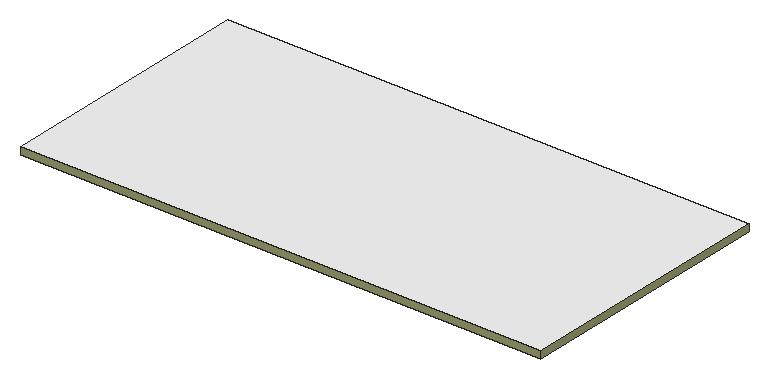
Revit family "Polytone 15mm thickness", category Generic Models, host Face, Revit 2020
Family settings
  Host = Face
  Can host rebar = No
  Round Connector Dimension = Use Diameter
  Part Type = Normal
  Cut with Voids When Loaded = No
  Shared = No
  Room Calculation Point = No
Parameters (values of type "15mm (603mm x 1212mm)")
  Width [instance] = 603 mm
  Type of Insulation = "Glass Mineral wool slab"
  Thermal R value = 0.49
  Thermal K value = 0.0309
  Remarks = ""
  NRC = 0.62
  Material Specification = ""
  Manufacturer = "PGF Insulation Sdn. Bhd."
  Insulation Thickness = 15 mm
  Length(mm) [instance] = 1212 mm
  Finish = Polytone
  ECOWOOL Product thickness in mm = ""
  Description = "Description DuctGuard external duct wrap, the new generation glass mineral wool insulation manufactured by PGF Insulation provides traditional sheet metal ducts with improved thermal insulation. The external glass mineral wool duct wrap has been engineered to provide the highest level of insulation performance for building occupants to achieve the optimum level of indoor comfort deserved.  \r\nECOWOOL Classic DuctGuard external duct wrap is pre-laminated with a vapour barrier facing material. .\r\n\r\nDescription DuctGuard external duct wrap, the new generation glass mineral wool insulation manufactured by PGF Insulation provides traditional sheet metal ducts with improved thermal insulation. The external glass mineral wool duct wrap has been engineered to provide the highest level of insulation performance for building occupants to achieve the optimum level of indoor comfort deserved.  \r\nECOWOOL Classic DuctGuard external duct wrap is pre-laminated with a vapour barrier facing materia\r\nDescription DuctGuard external duct wrap, the new generation glass mineral wool insulation manufactured by PGF Insulation provides traditional sheet metal ducts with improved thermal insulation. The external glass mineral wool duct wrap has been engineered to provide the highest level of insulation performance for building occupants to achieve the optimum level of indoor comfort deserved.  \r\nECOWOOL Classic DuctGuard external duct wrap is pre-laminated with a vapour barrier facing materia\r\nDescription DuctGuard external duct wrap, the new generation glass mineral wool insulation manufactured by PGF Insulation provides traditional sheet metal ducts with improved thermal insulation. The external glass mineral wool duct wrap has been engineered to provide the highest level of insulation performance for building occupants to achieve the optimum level of indoor comfort deserved.  \r\nECOWOOL Classic DuctGuard external duct wrap is pre-laminated with a vapour barrier facing materia\r\nDescription DuctGuard external duct wrap, the new generation glass mineral wool insulation manufactured by PGF Insulation provides traditional sheet metal ducts with improved thermal insulation. The external glass mineral wool duct wrap has been engineered to provide the highest level of insulation performance for building occupants to achieve the optimum level of indoor comfort deserved.  \r\nECOWOOL Classic DuctGuard external duct wrap is pre-laminated with a vapour barrier facing materia\r\nDescription DuctGuard external duct wrap, the new generation glass mineral wool insulation manufactured by PGF Insulation provides traditional sheet metal ducts with improved thermal insulation. The external glass mineral wool duct wrap has been engineered to provide the highest level of insulation performance for building occupants to achieve the optimum level of indoor comfort deserved.  \r\nECOWOOL Classic DuctGuard external duct wrap is pre-laminated with a vapour barrier facing materia\r\nDescription DuctGuard external duct wrap, the new generation glass mineral wool insulation manufactured by PGF Insulation provides traditional sheet metal ducts with improved thermal insulation. The external glass mineral wool duct wrap has been engineered to provide the highest level of insulation performance for building occupants to achieve the optimum level of indoor comfort deserved.  \r\nECOWOOL Classic DuctGuard external duct wrap is pre-laminated with a vapour barrier facing materia\r\nDescription DuctGuard external duct wrap, the new generation glass mineral wool insulation manufactured by PGF Insulation provides traditional sheet metal ducts with improved thermal insulation. The external glass mineral wool duct wrap has been engineered to provide the highest level of insulation performance for building occupants to achieve the optimum level of indoor comfort deserved.  \r\nECOWOOL Classic DuctGuard external duct wrap is pre-laminated with a vapour barrier facing materia\r\nDescription DuctGuard external duct wrap, the new generation glass mineral wool insulation manufactured by PGF Insulation provides traditional sheet metal ducts with improved thermal insulation. The external glass mineral wool duct wrap has been engineered to provide the highest level of insulation performance for building occupants to achieve the optimum level of indoor comfort deserved.  \r\nECOWOOL Classic DuctGuard external duct wrap is pre-laminated with a vapour barrier facing materia\r\nDescription DuctGuard external duct wrap, the new generation glass mineral wool insulation manufactured by PGF Insulation provides traditional sheet metal ducts with improved thermal insulation. The external glass mineral wool duct wrap has been engineered to provide the highest level of insulation performance for building occupants to achieve the optimum level of indoor comfort deserved.  \r\nECOWOOL Classic DuctGuard external duct wrap is pre-laminated with a vapour barrier facing material\r\nDescription DuctGuard external duct wrap, the new generation glass mineral wool insulation manufactured by PGF Insulation provides traditional sheet metal ducts with improved thermal insulation. The external glass mineral wool duct wrap has been engineered to provide the highest level of insulation performance for building occupants to achieve the optimum level of indoor comfort deserved.  \r\nECOWOOL Classic DuctGuard external duct wrap is pre-laminated with a vapour barrier facing material\r\nDescription DuctGuard external duct wrap, the new generation glass mineral wool insulation manufactured by PGF Insulation provides traditional sheet metal ducts with improved thermal insulation. The external glass mineral wool duct wrap has been engineered to provide the highest level of insulation performance for building occupants to achieve the optimum level of indoor comfort deserved.  \r\nECOWOOL Classic DuctGuard external duct wrap is pre-laminated with a vapour barrier facing material\r\nDescription DuctGuard external duct wrap, the new generation glass mineral wool insulation manufactured by PGF Insulation provides traditional sheet metal ducts with improved thermal insulation. The external glass mineral wool duct wrap has been engineered to provide the highest level of insulation performance for building occupants to achieve the optimum level of indoor comfort deserved.  \r\nECOWOOL Classic DuctGuard external duct wrap is pre-laminated with a vapour barrier facing material\r\nDescription DuctGuard external duct wrap, the new generation glass mineral wool insulation manufactured by PGF Insulation provides traditional sheet metal ducts with improved thermal insulation. The external glass mineral wool duct wrap has been engineered to provide the highest level of insulation performance for building occupants to achieve the optimum level of indoor comfort deserved.  \r\nECOWOOL Classic DuctGuard external duct wrap is pre-laminated with a vapour barrier facing material\r\nDescription DuctGuard external duct wrap, the new generation glass mineral wool insulation manufactured by PGF Insulation provides traditional sheet metal ducts with improved thermal insulation. The external glass mineral wool duct wrap has been engineered to provide the highest level of insulation performance for building occupants to achieve the optimum level of indoor comfort deserved.  \r\nECOWOOL Classic DuctGuard external duct wrap is pre-laminated with a vapour barrier facing material\r\nDescription DuctGuard external duct wrap, the new generation glass mineral wool insulation manufactured by PGF Insulation provides traditional sheet metal ducts with improved thermal insulation. The external glass mineral wool duct wrap has been engineered to provide the highest level of insulation performance for building occupants to achieve the optimum level of indoor comfort deserved.  \r\nECOWOOL Classic DuctGuard external duct wrap is pre-laminated with a vapour barrier facing material"
  Density = 32.00 kg/m³
  Default Elevation = 1219.2 mm
Types (3, lengths in mm): name | Width | Length(mm)
  (no name) | 603 | 1212
  15mm (603mm x 1212mm) | 603 | 1212
  15mm (595mm x 595mm) | 595 | 595
Reference planes
  plane 1 "Center (Front/Back)": y = 0
  plane 2: z = 0
  plane 3 "Center (Left/Right)": x = 0
  plane 4: x = 1212
  plane 5: y = -301.5
  plane 6: y = 301.5
Forms (mm)
  Sweep 1, solid, material "Polytone" <- "Finish"
    path origin (0, 0, 0) x (1, 0, 0) y (0, 1, 0)
      loop
        line (0, 0) -> (1212, 0)
    profile origin (606, 0, 0) x (0, 1, 0) y (0, 0, 1)
      loop
        line (-301.5, 15) -> (-301.5, 0) -> (301.5, 0) -> (301.5, 15) -> (-301.5, 15)
Lines and regions (mm)
  reference lines
    curve 1: line (0, 0, 0) -> (1212, 0, 0)
Dimensions and locks
  "Width": plane 5 to plane 6
  equal spacing: plane 5, plane 1 "Center (Front/Back)", plane 6
  "Length(mm)": plane 3 "Center (Left/Right)" to plane 4
  "Insulation Thickness": host face to Sweep 1 sketch curve
  aligned and locked: plane 2 to host face
  aligned and locked: level to host face
  aligned and locked: plane 3 "Center (Left/Right)" to curve 1
  aligned and locked: plane 4 to curve 1
  aligned and locked: plane 3 "Center (Left/Right)" to Sweep 1 sketch curve
  aligned and locked: plane 4 to Sweep 1 sketch curve
  aligned and locked: level to Sweep 1 sketch curve
  aligned and locked: plane 6 to Sweep 1 sketch curve
  aligned and locked: Sweep 1 sketch curve to plane 5
Automatic sketch dimensions
  host sketch curve to host sketch curve = 1616.306 mm
  host sketch curve to host sketch curve = 2438.4 mm
  plane 1 "Center (Front/Back)" to curve 1 = 0 mm
  plane 1 "Center (Front/Back)" to Sweep 1 sketch curve = 0 mm
